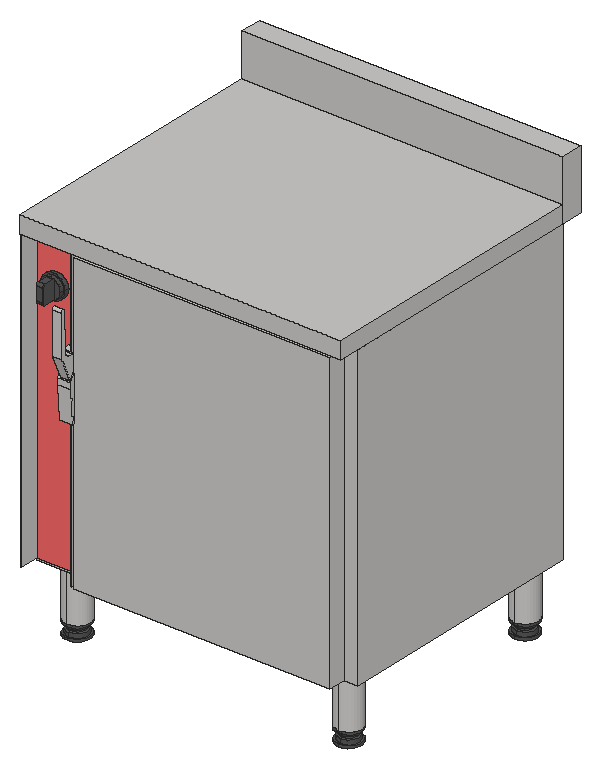
Revit family "ADB Etuve CES 7062", category Equipement spécialisé, Revit 2022
Family settings
  Cote de connecteur circulaire = Utiliser le diamètre
  Type d'élément = Normal
  Basée sur le plan de construction = Non
  Toujours verticalement = Oui
  Couper avec des vides une fois chargée = Non
  Conserver l'orientation des annotations = Non
  Partagée = Non
  Repère de localisation dans la pièce = Non
Parameters (values of type "CES 706")
  URL catalogue = ""
  URL = ""
  Type de Raccord Electrique = "Bornier 40A"  # constant formula
  Type article = ""
  Tension = 230 V  # constant formula
  Spécification du Fabricant = ""
  Remarques Electricité = "230V(MONO) commutable 400V(TRI)"  # constant formula
  Puissance électrique = 3500 W
  Profondeur [instance] = 733 mm
  Porte inversée [instance] = no
  Poids net à vide = 80.00 kg
  Phase = 1  # constant formula
  Nombres de Pôles = Phase  # 1
  Modèle = "CSE 706"
  Longueur [instance] = 750 mm
  Intensité nominale = 15.22 A
  Hauteur [instance] = 1000 mm
  G [instance] = 660 mm
  Fréquence = 50 Hz  # constant formula
  Fabricant = "Société Industrielle  de Lacanche"  # constant formula
  Encombrements [instance] = yes
  Encombrement Porte inversée [instance] = and(Encombrements, Porte inversée)  # no
  Encombrement Porte standard [instance] = and(Encombrements, not(Porte inversée))  # yes
  Décalage poignée [instance] = if(Porte inversée, Longueur - 97 mm, 127 mm)  # 127 mm
  Décalage commandes [instance] = if(Porte inversée, Longueur - 69.2 mm, 48.5 mm)  # 48.5 mm
  Décalage Bouton [instance] = if(Porte inversée, Longueur - 47 mm, 47 mm)  # 47 mm
  Description = "Etuve pour four CFE 706 CT"
  Connecteurs [instance] = yes
  Décalage porte [instance] = if(Porte inversée, 25 mm, 127 mm)  # 127 mm
  Elévation par défaut = 0 mm
  Commentaires du type = "Gamme Ambassade - Fours à convection forcée"
  F [instance] = 265 mm
Reference planes
  plane 1 "Centre (avant/arrière)": y = 0
  plane 2: z = 0
  plane 3 "Centre (gauche/droite)": x = 0
  plane 4 "Gauche": x = -375
  plane 5 "Arrière": y = 381
  plane 6 "Droite": x = 375
  plane 7 "Avant": y = -319
  plane 8 "dessous meuble": z = 155
  plane 9: z = 1000
  plane 10: z = 960
  plane 11 "Face": y = -274
  plane 12 "porte gauche": x = -248
  plane 13 "Poignée": x = -248
  plane 14 "G": x = -285
  plane 15: y = 260
  plane 16: y = -868.3
  plane 17: z = 854.5
  plane 18: y = -270.3
  plane 19 "Commandes": x = -326.5
  plane 20: y = -352
  plane 21 "F": z = 265
  plane 22: y = -320.5
  plane 23: y = -280.5
  plane 24: z = 161.5
  plane 25: x = 350
  plane 26 "Dessus de plan": z = 900
  plane 27 "dessous plan": z = 860
  plane 28: y = 330.028
  plane 29: x = -257.3
  plane 30: x = -258.8
  plane 31 "Bouton": x = -328
Forms (mm)
  Extrusion 1, solid, material "ADB_Stainless Steel-Polished", detail levels medium+fine
    sketch origin (-248, 3.7, 0) x (0, 0, 1) y (0, -1, 0)
      loop
        line (161.5, 324.2) -> (161.5, 284.2) -> (854.5, 284.2) -> (854.5, 324.2) -> (161.5, 324.2)
    from 0 to 598
  Extrusion 2, solid, material "ADB_Stainless Steel-Polished", detail levels medium+fine
    sketch origin (-375, 0, -100) x (0, 1, 0) y (0, 0, 1)
      loop
        line (330.028, 1000) -> (-319, 1000) -> (-319, 960) -> (330.028, 960) -> (330.028, 1000)
    from 0 to 750
  Extrusion 3, solid, material "ADB_Stainless Steel-Polished", detail levels medium+fine
    sketch origin (-375, 0, 0) x (0, 1, 0) y (0, 0, 1)
      loop
        line (330.028, 860) -> (-270.3, 860) -> (-270.3, 155) -> (330.028, 155) -> (330.028, 860)
    from 0 to 750
  Extrusion 4, solid, material "ADB_Stainless Steel-Polished", detail levels medium+fine
    sketch origin (-248, 1352.585, 1070.354) x (0, 1, 0) y (0, 0, -1)
      loop
        line (-1682.584, 487.771) -> (-1682.584, 472.771) -> (-1669.084, 448.962) -> (-1669.084, 418.962) -> (-1651.571, 417.794) -> (-1641.585, 417.271) -> (-1641.585, 567.771) -> (-1651.571, 567.248) -> (-1677.585, 562.771) -> (-1682.584, 487.771)
    from 0 to 30
  Extrusion 5, solid, material "ADB_Stainless Steel-Polished", detail levels medium+fine
    sketch origin (-248, 1359.056, 1614.771) x (0, 1, 0) y (0, 0, -1)
      loop
        line (-1702.14, 942.366) -> (-1701.409, 949.218)
        arc (-1701.409, 949.218) -> (-1697.298, 959.02) -> (-1687.725, 963.638) r 15
        line (-1687.725, 963.638) -> (-1675.556, 964.702) -> (-1675.556, 993.462) -> (-1687.585, 1014.677) -> (-1711.056, 962.216) -> (-1711.056, 863.854)
        arc (-1711.056, 863.854) -> (-1709.227, 859.949) -> (-1705.056, 858.854) r 5.083
        line (-1705.056, 858.854) -> (-1702.14, 942.366)
    from 4.5 to 25.5
  Extrusion 6, solid, material "ADB_Network_Electricity_Yellow", visible <- "Connecteurs", detail levels medium+fine
    sketch origin (0, 381, 0) x (-1, 0, 0) y (0, 0, 1)
      loop
        circle (285, 265) r 10
    from 0 to 10
  Extrusion 7, solid, detail levels coarse
    sketch origin (0, 0, 155) x (-1, 0, 0) y (0, -1, 0)
      loop
        line (375, -381) -> (375, 352) -> (-375, 352) -> (-375, -381) -> (375, -381)
    from -155 to 845
  Revolve 8, solid, material "ADB_Stainless Steel-Polished", detail levels medium+fine
    sketch origin (-317.47, 5.23, 0) x (0, 1, 0) y (0, 0, 1)
      loop
        line (-258.968, 155) -> (-258.968, 34) -> (-258.968, 28.148) -> (-252.82, 22) -> (-248.857, 22) -> (-248.857, 16.488) -> (-253.001, 13.586) -> (-253.001, 5) -> (-258.492, 5) -> (-258.492, 0) -> (-229, 0) -> (-229, 155) -> (-258.968, 155)
      axis (-229, 0) -> (-229, 155)
    angle from 0 to 360
  Revolve 9, solid, material "ADB_Stainless Steel-Polished", detail levels medium+fine
    sketch origin (317.47, 5.23, 0) x (0, 1, 0) y (0, 0, -1)
      loop
        line (-258.968, -155) -> (-229, -155) -> (-229, 0) -> (-258.492, 0) -> (-258.492, -5) -> (-253.001, -5) -> (-253.001, -13.586) -> (-248.857, -16.488) -> (-248.857, -22) -> (-252.82, -22) -> (-258.968, -28.148) -> (-258.968, -34) -> (-258.968, -155)
      axis (-229, 0) -> (-229, -155)
    angle from 0 to 360
  Revolve 10, solid, material "ADB_Stainless Steel-Polished", detail levels medium+fine
    sketch origin (-317.47, 6.23, 0) x (0, -1, 0) y (0, 0, -1)
      loop
        line (-314.968, -155) -> (-285, -155) -> (-285, 0) -> (-314.492, 0) -> (-314.492, -5) -> (-309.001, -5) -> (-309.001, -13.586) -> (-304.857, -16.488) -> (-304.857, -22) -> (-308.82, -22) -> (-314.968, -28.148) -> (-314.968, -34) -> (-314.968, -155)
      axis (-285, 0) -> (-285, -155)
    angle from 0 to 360
  Revolve 11, solid, material "ADB_Stainless Steel-Polished", detail levels medium+fine
    sketch origin (317.47, 6.23, 0) x (0, -1, 0) y (0, 0, 1)
      loop
        line (-314.968, 155) -> (-314.968, 34) -> (-314.968, 28.148) -> (-308.82, 22) -> (-304.857, 22) -> (-304.857, 16.488) -> (-309.001, 13.586) -> (-309.001, 5) -> (-314.492, 5) -> (-314.492, 0) -> (-285, 0) -> (-285, 155) -> (-314.968, 155)
      axis (-285, 0) -> (-285, 155)
    angle from 0 to 360
  Extrusion 12, solid, material "ADB_Stainless Steel-Polished", detail levels medium+fine
    sketch origin (-1, -20.8, 293.939) x (-1, 0, 0) y (0, -1, 0)
      loop
        line (374, 249.5) -> (374, 295.3) -> (372, 295.3) -> (372, 252) -> (257.8, 252) -> (257.8, 295.3) -> (256.3, 295.3) -> (256.3, 249.5) -> (374, 249.5)
    from -132.439 to 566.061
  Extrusion 13, solid, material "ADB_Stainless Steel-Polished", detail levels medium+fine
    sketch origin (375, 0, 0) x (0, 1, 0) y (0, 0, -1)
      loop
        line (330.028, -1000) -> (381, -1000) -> (381, -860) -> (330.028, -860) -> (330.028, -1000)
    from 0 to 750
Lines and regions (mm)
  symbolic lines, style "SpecialityEquipmentHiddenLines", visible <- "Encombrement Porte standard"
    curve 1: line (350, -270.3, 155) -> (350, -868.3, 155)
    curve 2: arc (-248, -270.3, 155) -> (-72.85, -693.15, 155) -> (350, -868.3, 155) r 598
  symbolic lines, style "SpecialityEquipmentHiddenLines", visible <- "Encombrement Porte inversée"
    curve 3: line (-248, -270.3, 155) -> (-248, -868.3, 155)
    curve 4: arc (350, -270.3, 155) -> (174.85, -693.15, 155) -> (-248, -868.3, 155) r 598
Dimensions and locks
  plane 7 "Avant" to plane 1 "Centre (avant/arrière)" to plane 5 "Arrière" = 319 mm, 381 mm
  equal spacing: plane 4 "Gauche", plane 3 "Centre (gauche/droite)", plane 6 "Droite"
  locked: plane 8 "dessous meuble" to plane 2 at 155
  locked: plane 9 to plane 10 at 40
  locked: plane 7 "Avant" to plane 11 "Face" at 45
  "Décalage poignée": plane 13 "Poignée" to plane 4 "Gauche"
  "Longueur": plane 4 "Gauche" to plane 6 "Droite"
  plane 5 "Arrière" to plane 7 "Avant" = 700 mm
  "G": plane 14 "G" to plane 6 "Droite"
  "Hauteur": plane 9 to plane 2
  Extrusion 12 sketch curve to Extrusion 12 sketch curve to plane 19 "Commandes" to Extrusion 12 sketch curve to Extrusion 12 sketch curve = 2 mm locked, 46.5 mm locked, 67.7 mm, 1.5 mm
  "Décalage porte": plane 12 "porte gauche" to plane 4 "Gauche"
  "Décalage commandes": plane 4 "Gauche" to plane 19 "Commandes"
  "Profondeur": plane 5 "Arrière" to plane 20
  plane 18 to plane 16 = 598 mm
  "F": plane 21 "F" to plane 2
  plane 19 "Commandes" to plane 14 "G" = 41.5 mm
  "Décalage Bouton": plane 4 "Gauche" to plane 31 "Bouton"
  aligned and locked: level to plane 2
  aligned and locked: plane 14 "G" to Extrusion 6 sketch curve
  aligned and locked: plane 4 "Gauche" to Extrusion 7 sketch curve
  aligned and locked: Extrusion 7 sketch curve to plane 5 "Arrière"
  aligned and locked: plane 6 "Droite" to Extrusion 7 sketch curve
  aligned and locked: Extrusion 7 to Extrusion 5
  aligned and locked: Extrusion 7 to level
  aligned and locked: Extrusion 2 to plane 6 "Droite"
  aligned and locked: Extrusion 3 to plane 6 "Droite"
  aligned and locked: plane 21 "F" to Extrusion 6 sketch curve
  aligned and locked: plane 9 to Extrusion 7
  aligned and locked: plane 9 to Extrusion 13 sketch curve
  aligned and locked: Extrusion 13 sketch curve to plane 28
  aligned and locked: Extrusion 13 sketch curve to plane 27 "dessous plan"
  aligned and locked: plane 5 "Arrière" to Extrusion 13 sketch curve
  aligned and locked: Extrusion 13 to plane 4 "Gauche"
  aligned and locked: Extrusion 13 to plane 6 "Droite"
  aligned and locked: Extrusion 13 to Extrusion 2  (x2)
  aligned and locked: plane 27 "dessous plan" to Extrusion 12
  aligned and locked: plane 31 "Bouton" to nested 1
Automatic sketch dimensions
  plane 8 "dessous meuble" to Extrusion 1 sketch curve = 6.5 mm
  Extrusion 1 sketch curve to plane 7 "Avant" = 1.5 mm
  Extrusion 1 sketch curve to plane 11 "Face" = 6.5 mm
  Extrusion 4 sketch curve to plane 7 "Avant" = 11 mm
  Extrusion 4 sketch curve to plane 7 "Avant" = 6 mm
  plane 7 "Avant" to Extrusion 4 sketch curve = 2.5 mm
  plane 7 "Avant" to Extrusion 4 sketch curve = 20.014 mm  (x2)
  Extrusion 4 sketch curve to Extrusion 4 sketch curve = 9.986 mm
  Extrusion 4 sketch curve to Extrusion 4 sketch curve = 0.523 mm  (x2)
  Extrusion 4 sketch curve to Extrusion 4 sketch curve = 1.168 mm
  Extrusion 4 sketch curve to Extrusion 4 sketch curve = 30 mm
  Extrusion 4 sketch curve to Extrusion 4 sketch curve = 23.809 mm
  Extrusion 4 sketch curve to Extrusion 4 sketch curve = 15 mm
  Extrusion 4 sketch curve to Extrusion 4 sketch curve = 75 mm
  Extrusion 4 sketch curve to Extrusion 4 sketch curve = 4.477 mm
  plane 11 "Face" to Extrusion 12 sketch curve = 3.7 mm
  Extrusion 12 sketch curve to Extrusion 12 sketch curve = 2.5 mm
  Extrusion 12 sketch curve to plane 11 "Face" = 42.1 mm  (x2)
  Extrusion 2 sketch curve to plane 7 "Avant" = 0 mm
  Extrusion 2 sketch curve to plane 5 "Arrière" = 50.972 mm
  Extrusion 2 sketch curve to plane 10 = 100 mm
  Extrusion 2 sketch curve to plane 9 = 100 mm
  Extrusion 3 sketch curve to plane 10 = 100 mm
  Extrusion 3 sketch curve to plane 18 = 0 mm
  Extrusion 3 sketch curve to plane 5 "Arrière" = 50.972 mm
  Extrusion 3 sketch curve to plane 8 "dessous meuble" = 0 mm
  curve 1 to plane 16 = 0 mm
  curve 2 to plane 18 = 0 mm
  curve 4 to plane 18 = 0 mm
  curve 3 to plane 12 "porte gauche" = 0 mm
  curve 2 to plane 12 "porte gauche" = 0 mm
  curve 4 to plane 16 = 0 mm
  Extrusion 7 sketch curve to plane 20 = 0 mm
  Revolve 8 sketch curve to plane 8 "dessous meuble" = 0 mm
  Revolve 8 sketch curve to level = 0 mm
  plane 18 to Revolve 8 sketch curve = 16.562 mm
  plane 18 to Revolve 8 sketch curve = 17.038 mm
  level to Revolve 8 sketch curve = 13.586 mm
  Revolve 8 sketch curve to Revolve 8 sketch curve = 5.491 mm
  Revolve 8 sketch curve to Revolve 8 sketch curve = 0.181 mm
  Revolve 8 sketch curve to Revolve 8 sketch curve = 3.964 mm
  Revolve 8 sketch curve to Revolve 8 sketch curve = 24.001 mm
  level to Revolve 8 sketch curve = 5 mm
  Revolve 8 sketch curve to Revolve 8 sketch curve = 2.902 mm
  Revolve 8 sketch curve to Revolve 8 sketch curve = 5.512 mm
  Revolve 8 sketch curve to Revolve 8 sketch curve = 6.148 mm
  Revolve 8 sketch curve to Revolve 8 sketch curve = 5.852 mm
  Revolve 8 sketch curve to Revolve 8 sketch curve = 0 mm
  Revolve 8 sketch curve to Revolve 8 sketch curve = 12 mm
  Revolve 8 sketch curve to Revolve 8 sketch curve = 19 mm
  Revolve 9 sketch curve to plane 8 "dessous meuble" = 0 mm
  Revolve 9 sketch curve to level = 0 mm
  plane 18 to Revolve 9 sketch curve = 16.562 mm
  plane 18 to Revolve 9 sketch curve = 17.038 mm
  level to Revolve 9 sketch curve = 13.586 mm
  Revolve 9 sketch curve to Revolve 9 sketch curve = 5.491 mm
  Revolve 9 sketch curve to Revolve 9 sketch curve = 0.181 mm
  Revolve 9 sketch curve to Revolve 9 sketch curve = 3.964 mm
  Revolve 9 sketch curve to Revolve 9 sketch curve = 24.001 mm
  Revolve 9 sketch curve to Revolve 9 sketch curve = 20.414 mm
  Revolve 9 sketch curve to Revolve 9 sketch curve = 5.852 mm
  Revolve 9 sketch curve to Revolve 9 sketch curve = 8.414 mm
  Revolve 9 sketch curve to Revolve 9 sketch curve = 2.902 mm
  level to Revolve 9 sketch curve = 5 mm
  Revolve 9 sketch curve to Revolve 9 sketch curve = 0 mm
  Revolve 9 sketch curve to Revolve 9 sketch curve = 19 mm
  Revolve 9 sketch curve to Revolve 9 sketch curve = 12 mm
  Revolve 10 sketch curve to plane 8 "dessous meuble" = 0 mm
  Revolve 10 sketch curve to level = 0 mm
  Revolve 10 sketch curve to plane 5 "Arrière" = 59.802 mm
  Revolve 10 sketch curve to plane 5 "Arrière" = 60.278 mm
  Revolve 10 sketch curve to Revolve 10 sketch curve = 5.491 mm
  Revolve 10 sketch curve to Revolve 10 sketch curve = 0.181 mm
  Revolve 10 sketch curve to Revolve 10 sketch curve = 3.964 mm
  Revolve 10 sketch curve to Revolve 10 sketch curve = 24.001 mm
  level to Revolve 10 sketch curve = 34 mm
  Revolve 10 sketch curve to Revolve 10 sketch curve = 5.852 mm
  Revolve 10 sketch curve to Revolve 10 sketch curve = 6.148 mm
  Revolve 10 sketch curve to Revolve 10 sketch curve = 5.512 mm
  Revolve 10 sketch curve to Revolve 10 sketch curve = 2.902 mm
  level to Revolve 10 sketch curve = 5 mm
  Revolve 10 sketch curve to Revolve 10 sketch curve = 0 mm
  Revolve 10 sketch curve to Revolve 10 sketch curve = 19 mm
  Revolve 10 sketch curve to Revolve 10 sketch curve = 12 mm
  Revolve 11 sketch curve to plane 8 "dessous meuble" = 0 mm
  Revolve 11 sketch curve to level = 0 mm
  Revolve 11 sketch curve to plane 5 "Arrière" = 59.802 mm
  Revolve 11 sketch curve to plane 5 "Arrière" = 60.278 mm
  Revolve 11 sketch curve to Revolve 11 sketch curve = 5.491 mm
  Revolve 11 sketch curve to Revolve 11 sketch curve = 0.181 mm
  Revolve 11 sketch curve to Revolve 11 sketch curve = 3.964 mm
  Revolve 11 sketch curve to Revolve 11 sketch curve = 24.001 mm
  level to Revolve 11 sketch curve = 5 mm
  Revolve 11 sketch curve to Revolve 11 sketch curve = 8.586 mm
  Revolve 11 sketch curve to Revolve 11 sketch curve = 2.902 mm
  Revolve 11 sketch curve to Revolve 11 sketch curve = 5.512 mm
  Revolve 11 sketch curve to Revolve 11 sketch curve = 6.148 mm
  Revolve 11 sketch curve to Revolve 11 sketch curve = 5.852 mm
  Revolve 11 sketch curve to Revolve 11 sketch curve = 0 mm
  Revolve 11 sketch curve to Revolve 11 sketch curve = 12 mm
  Revolve 11 sketch curve to Revolve 11 sketch curve = 19 mm
  Extrusion 1 sketch curve to plane 17 = 0 mm
  Extrusion 4 sketch curve to plane 17 = 201.417 mm
  Extrusion 5 sketch curve to plane 20 = 0 mm
  plane 20 to Extrusion 5 sketch curve = 5.083 mm
  Extrusion 5 sketch curve to Extrusion 5 sketch curve = 0.917 mm
  Extrusion 5 sketch curve to plane 22 = 8.169 mm
  Extrusion 5 sketch curve to plane 22 = 6.861 mm
  Extrusion 5 sketch curve to plane 22 = 8.029 mm
  plane 7 "Avant" to Extrusion 5 sketch curve = 2.5 mm
  Extrusion 5 sketch curve to plane 21 "F" = 490.917 mm
  Extrusion 5 sketch curve to Extrusion 5 sketch curve = 19.85 mm
  Extrusion 5 sketch curve to Extrusion 5 sketch curve = 21.215 mm
  Extrusion 5 sketch curve to Extrusion 5 sketch curve = 6.852 mm
  Extrusion 5 sketch curve to Extrusion 5 sketch curve = 78.512 mm
  Extrusion 5 sketch curve to Extrusion 5 sketch curve = 6.328 mm
  plane 20 to Extrusion 5 sketch curve = 8.916 mm
  Extrusion 5 sketch curve to Extrusion 5 sketch curve = 0.732 mm
  Extrusion 5 sketch curve to Extrusion 5 sketch curve = 1.065 mm
  Extrusion 5 sketch curve to Extrusion 5 sketch curve = 28.76 mm
  radius of Extrusion 6 sketch curve = 10 mm
Nested families
  nested 1: "Bouton" at (-328, -270.3, 750) x (1, 0, 0) z (0, -1, 0), type "Bouton", detail levels fine
Connectors
  electrical at (-285, 391, 265), driven by "Tension", driven by "Puissance électrique"
    settings: on Extrusion 6, index 1, voltage 230 V, apparent load 0 VA, apparent load phase1 3500 VA, apparent load phase2 0 VA, apparent load phase3 0 VA, power factor 1, load classification "Autre", number of poles 1, system type 30, power factor state 1, is connector primary yes, connector utility no, sub classification motor no, connector description ""
Definition of nested family "Bouton"
  Parameters (values of type "Bouton")
    Matériau base bouton = none
    Default Elevation = 1219.2 mm
  Reference planes
    plane 1 "Centre (avant/arrière)": y = 0
    plane 2: z = 0
    plane 3 "Centre (gauche/droite)": x = 0
  Forms (mm)
    Extrusion 1, solid
      sketch origin (0, 0, 0) x (1, 0, 0) y (0, 1, 0)
        loop
          line (-1219.2, 1219.2) -> (-1219.2, -1219.2) -> (1219.2, -1219.2) -> (1219.2, 1219.2) -> (-1219.2, 1219.2)
      from 0 to -304.8
    Extrusion 2, solid, material <- "Matériau base bouton", detail levels fine
      sketch origin (0, 0, 0) x (1, 0, 0) y (0, 1, 0)
        loop
          circle (0, 0) r 28.5
      from 0 to 11.5
    Extrusion 3, solid, detail levels fine
      sketch origin (0, 0, 0) x (1, 0, 0) y (0, 1, 0)
        loop
          circle (0, 0) r 24.1
      from 11.5 to 20.5
    Extrusion 4, solid, detail levels fine
      sketch origin (0, 0, 0) x (1, 0, 0) y (0, 0, 1)
        loop
          line (-8.082, 20.5) -> (8.082, 20.5) -> (7.58, 49.253)
          arc (7.58, 49.253) -> (6.684, 51.34) -> (4.581, 52.2) r 3
          line (4.581, 52.2) -> (-4.581, 52.2)
          arc (-4.581, 52.2) -> (-6.684, 51.34) -> (-7.58, 49.253) r 3
          line (-7.58, 49.253) -> (-8.082, 20.5)
      from -22.082 to 22.162
    Extrusion 5, void
      sketch origin (0, 0, 0) x (0, 1, 0) y (0, 0, 1)
        loop
          line (-15.762, 50.701) -> (15.682, 50.701)
          arc (15.682, 50.701) -> (20.208, 48.826) -> (22.082, 44.301) r 6.4
          line (22.082, 44.301) -> (22.082, 41.701) -> (24.232, 41.701) -> (24.232, 54.688) -> (-24.768, 54.688) -> (-24.768, 41.701) -> (-22.162, 41.701) -> (-22.162, 44.301)
          arc (-22.162, 44.301) -> (-20.287, 48.826) -> (-15.762, 50.701) r 6.4
      from -15.908 to 13.709
  Cuts and joins
    Extrusion 5 cuts Extrusion 4
  Lines and regions (mm)
    symbolic lines, detail levels fine
      curve 1: line (0, -28.5, 0) -> (0, 28.5, 0)
  Dimensions and locks
    aligned and locked: plane 2 to Extrusion 1
    aligned and locked: level to Extrusion 1
